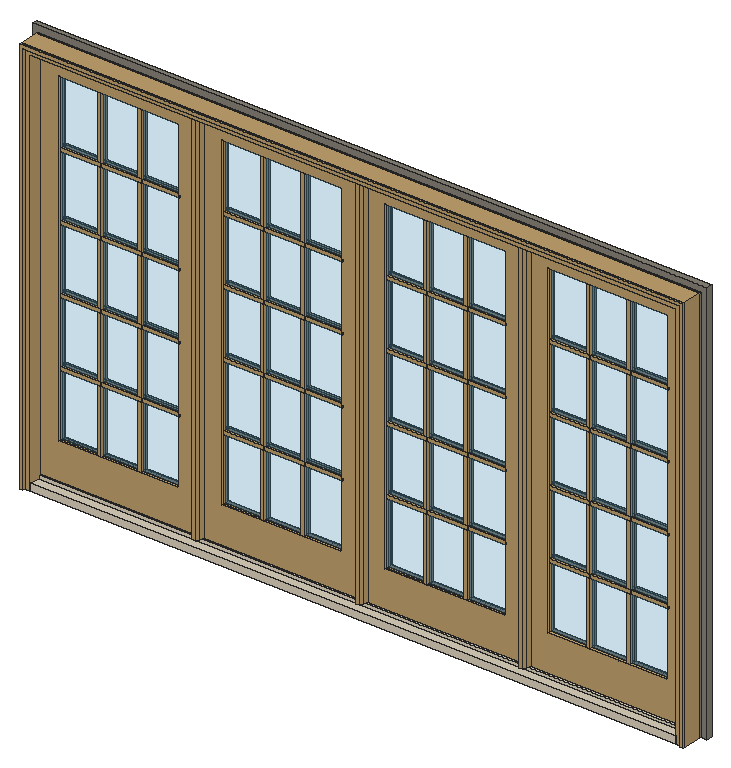
Revit family (continued)
Definition of nested family "Door_Section_Detail"
  Definition of nested family "BMC_Detail"
    Lines and regions (in)
      detail lines, style "Cut Lines", in view "Ref. Level"
        curve 1: line (-1.25, 0.71589, 0) -> (-1.25, 1.3125, 0)
        curve 2: line (-1.25, 1.3125, 0) -> (0, 1.3125, 0)
        curve 3: line (0, 0, 0) -> (-1.09375, 0, 0)
        curve 4: line (-1.09375, 0, 0) -> (-1.09375, 0.38081, 0)
        curve 5: line (-1.09375, 0.38081, 0) -> (-1.25, 0.71589, 0)
        curve 6: line (0, 0, 0) -> (0, 1.3125, 0)
  Definition of nested family "Flat_Casing_Detail"
    Parameters (values of type "Flat_Casing_Detail")
      Assembly Code = ""
    Reference planes (in)
      plane 1 "Center (Front/Back)": y = 0
      plane 2: z = 0
      plane 3 "Center (Left/Right)": x = 0
    Lines and regions (in)
      detail lines, style "Cut Lines", in view "Ref. Level"
        curve 1: line (-1.09375, 3, 0) -> (0, 3, 0)
        curve 2: line (0, 0, 0) -> (-1.09375, 0, 0)
        curve 3: line (-1.09375, 0, 0) -> (-1.09375, 3, 0)
        curve 4: line (0, 0, 0) -> (0, 3, 0)
Definition of nested family "Door_Plan_Detail"
  Parameters (values of type "Door_Plan_Detail")
    XXOO_OOXX = no
    Width = 11' - 11"
    Swing Reverse LH_RH = no
    Swing LH_RH = yes
    Swing Angle = 90.00°
    Panel Width = 2' - 11.06348"
    P3_RH Swing = if(OXXO, Swing Angle, 0.00°)  # 90.00°
    P3_RH Astragal = not(and(OXXO, Swing Reverse LH_RH))  # yes
    P2_RH Swing = Swing Angle  # 90.00°
    P2_RH Astragal = and(XXOO_OOXX, Swing LH_RH)  # no
    P2_RH = XXOO_OOXX  # no
    P2_LH Swing = if(OXXO, Swing Angle, 0.00°)  # 90.00°
    P2_LH Astragal = and(OXXO, Swing Reverse LH_RH)  # no
    P2_LH = not(XXOO_OOXX)  # yes
    P1_LH Swing = if(XXOO_OOXX, Swing Angle, 0.00°)  # 0.00°
    P1_LH Astragal = not(and(XXOO_OOXX, Swing LH_RH))  # yes
    OXXO = yes
    OOOO = no
    Flat Casing = no
    Flange Visibility = not(Casing Visibility)  # no
    Casing Visibility = yes
    BMC = yes
    Assembly Code = ""
  Reference planes (in)
    plane 1 "Center (Front/Back)": y = 0
    plane 2: z = 0
    plane 3: x = -28.06348
    plane 4: y = 0.09375
    plane 5: x = -29.25098
    plane 6: x = -99.56348
    plane 7 "Left": x = -171.06348
    plane 8: x = -169.87598
    plane 9: x = -134.8125
    plane 10: x = -64.31445
    plane 11: x = -134.6875
    plane 12: x = -64.43945
    plane 13: x = -99.62402
    plane 14: x = -99.50293
  Lines and regions (in)
    Masking region 1, in view "Ref. Level", detail levels coarse+medium
      outline origin (0, 0, 0) x (1, 0, 0) y (0, 1, 0)
        loop
          line (-28.06348, 1.09375) -> (-29.12598, 1.09375) -> (-29.12598, -4.5625) -> (-28.06348, -4.5625) -> (-28.06348, 1.09375)
    Masking region 2, in view "Ref. Level", detail levels coarse+medium
      outline origin (-108.375, 0, 0) x (0, 1, 0) y (-1, 0, 0)
        loop
          line (1.09375, 62.68848) -> (-4.5625, 62.68848) -> (-4.5625, 61.62598) -> (1.09375, 61.62598) -> (1.09375, 62.68848)
  Dimensions and locks (in)
    locked: plane 1 "Center (Front/Back)" to plane 4 at 0.09375
    locked: plane 5 to plane 3 at 1.1875
    locked: Masking region 1 sketch curve to plane 1 "Center (Front/Back)" at 4.5625
    locked: Masking region 1 sketch curve to plane 3 at 1.0625
    locked: plane 8 to plane 7 "Left" at 1.1875
    locked: plane 1 "Center (Front/Back)" to Masking region 1 sketch curve at 1.09375
    Masking region 2 sketch curve to plane 1 "Center (Front/Back)" to Masking region 2 sketch curve = 0' - 4 9/16" locked, 0' - 1 3/32" locked
    locked: plane 7 "Left" to Masking region 2 sketch curve at 1.0625
    equal spacing: plane 7 "Left", plane 6, plane 3
    "Width": plane 7 "Left" to plane 3
    "Panel Width": plane 8 to plane 9
    "Panel Width": plane 10 to plane 5
    locked: plane 9 to plane 11 at 0.125
    locked: plane 12 to plane 10 at 0.125
    "Panel Width": plane 11 to plane 13
    "Panel Width": plane 14 to plane 12
    aligned and locked: nested 1 to plane 1 "Center (Front/Back)"
    aligned and locked: plane 3 to nested 1
    aligned and locked: nested 2 to plane 3
    aligned and locked: nested 3 to plane 3
    aligned and locked: plane 1 "Center (Front/Back)" to nested 2
    aligned and locked: plane 1 "Center (Front/Back)" to nested 3
    aligned and locked: nested 4 to plane 7 "Left"
    aligned and locked: plane 1 "Center (Front/Back)" to nested 4
    aligned and locked: plane 7 "Left" to nested 6
    aligned and locked: plane 7 "Left" to nested 5
    aligned and locked: nested 6 to plane 1 "Center (Front/Back)"
    aligned and locked: nested 5 to plane 1 "Center (Front/Back)"
    aligned and locked: Masking region 2 sketch curve to plane 7 "Left"
    aligned and locked: plane 4 to nested 7
    aligned and locked: nested 8 to plane 4
    aligned and locked: nested 8 to plane 8
    aligned and locked: plane 5 to nested 7
    aligned and locked: nested 9 to plane 12
    aligned and locked: plane 4 to nested 9
    aligned and locked: nested 10 to plane 4
    aligned and locked: nested 10 to plane 14
    aligned and locked: nested 11 to plane 11
    aligned and locked: nested 11 to plane 4
  Automatic sketch dimensions
    Masking region 1 sketch curve to plane 3 = 0' - 0"
  Nested families (in)
    nested 1: "Jamb_Detail" at (-28.06348, 0, 0) x (-1, 0, 0) z (0, 0, 1), type "Jamb_Detail", in view "Ref. Level", detail levels fine
    nested 2: "BMC_Detail" at (-28.06348, 0, 0) x (0, -1, 0) z (0, 0, 1), visible <- "BMC", type "BMC_Detail", in view "Ref. Level", detail levels fine
    nested 3: "Flat_Casing_Detail" at (-28.06348, 0, 0) x (0, -1, 0) z (0, 0, 1), visible <- "Flat Casing", type "Flat_Casing_Detail", in view "Ref. Level", detail levels fine
    nested 4: "Jamb_Detail" at (-171.06348, 0, 0), type "Jamb_Detail", in view "Ref. Level", detail levels fine
    nested 5: "BMC_Detail" at (-171.06348, 0, 0) x (0, -1, 0) z (0, 0, 1), visible <- "BMC", type "BMC_Detail", in view "Ref. Level", detail levels fine
    nested 6: "Flat_Casing_Detail" at (-171.06348, 0, 0) x (0, -1, 0) z (0, 0, 1), visible <- "Flat Casing", type "Flat_Casing_Detail", in view "Ref. Level", detail levels fine
    nested 7: "Panel_Swing_Detail" at (-10.12598, 0, 0), Swing Angle <- "P1_LH Swing", Mtg Stile <- "P1_LH Astragal", type "Door_Plan_Detail", in view "Ref. Level"
      with Swing Visibility no, Swing Constraint 1.00°, Swing Angle 0.00°, Mtg Stile yes, Panel Width 2' - 11.06348"
    nested 8: "Panel_Swing_Detail" at (-189.00098, 0, 0) x (-1, 0, 0) z (0, 0, 1), type "Door_Plan_Detail", in view "Ref. Level"
      with Swing Visibility no, Swing Constraint 1.00°, Swing Angle 0.00°, Mtg Stile yes, Panel Width 2' - 11.06348"
    nested 9: "Panel_Swing_Detail" at (-45.31445, 0, 0), Swing Angle <- "P2_LH Swing", visible <- "P2_LH", Mtg Stile <- "P2_LH Astragal", type "Door_Plan_Detail", in view "Ref. Level"
      with Swing Visibility yes, Swing Constraint 90.00°, Swing Angle 90.00°, Mtg Stile no, Panel Width 2' - 11.06348"
    nested 10: "Panel_Swing_Detail" at (-118.62793, 0, 0) x (-1, 0, 0) z (0, 0, 1), Swing Angle <- "P2_RH Swing", visible <- "P2_RH", Mtg Stile <- "P2_RH Astragal", type "Door_Plan_Detail", in view "Ref. Level"
      with Swing Visibility yes, Swing Constraint 90.00°, Swing Angle 90.00°, Mtg Stile no, Panel Width 2' - 11.06348"
    nested 11: "Panel_Swing_Detail" at (-153.8125, 0, 0) x (-1, 0, 0) z (0, 0, 1), Swing Angle <- "P3_RH Swing", Mtg Stile <- "P3_RH Astragal", type "Door_Plan_Detail", in view "Ref. Level"
      with Swing Visibility yes, Swing Constraint 90.00°, Swing Angle 90.00°, Mtg Stile yes, Panel Width 2' - 11.06348"
  Definition of nested family "Jamb_Detail"
    Parameters (values of type "Jamb_Detail")
      Flange = no
      Assembly Code = ""
    Reference planes (in)
      plane 1 "Center (Front/Back)": y = 0
      plane 2: z = 0
      plane 3 "Center (Left/Right)": x = 0
    Lines and regions (in)
      Masking region 1, in view "Ref. Level"
        outline origin (0, 0, 0) x (1, 0, 0) y (0, 1, 0)
          loop
            line (0, 1.09375) -> (0, -4.5625) -> (1.75053, -4.5625) -> (1.75053, -1.76821) -> (1.06374, -1.76821) -> (1.06374, -0.18631) -> (0.93767, -0.18631) -> (0.93767, 0.3871) -> (0.67848, 0.3871) -> (0.67848, 1.09375) -> (0, 1.09375)
      detail lines, style "Cut Lines", in view "Ref. Level", visible <- "Flange"
        curve 1: line (0, 0.045, 0) -> (-1.49897, 0.045, 0)
        curve 2: line (-0.155, 0, 0) -> (-1.49897, 0, 0)
        curve 3: line (-0.155, 0, 0) -> (-0.155, -0.11, 0)
        curve 4: line (0, -0.11, 0) -> (-0.155, -0.11, 0)
        curve 5: line (-1.49897, 0, 0) -> (-1.49897, 0.045, 0)
  Definition of nested family "BMC_Detail"
    Parameters (values of type "BMC_Detail")
      Assembly Code = ""
    Reference planes (in)
      plane 1 "Center (Front/Back)": y = 0
      plane 2: z = 0
      plane 3 "Center (Left/Right)": x = 0
    Lines and regions (in)
      detail lines, style "Cut Lines", in view "Ref. Level"
        curve 1: line (-1.25, 0.71589, 0) -> (-1.25, 1.3125, 0)
        curve 2: line (-1.25, 1.3125, 0) -> (0, 1.3125, 0)
        curve 3: line (0, 0, 0) -> (-1.09375, 0, 0)
        curve 4: line (-1.09375, 0, 0) -> (-1.09375, 0.38081, 0)
        curve 5: line (-1.09375, 0.38081, 0) -> (-1.25, 0.71589, 0)
        curve 6: line (0, 0, 0) -> (0, 1.3125, 0)
  Definition of nested family "Flat_Casing_Detail"
    Parameters (values of type "Flat_Casing_Detail")
      Assembly Code = ""
    Reference planes (in)
      plane 1 "Center (Front/Back)": y = 0
      plane 2: z = 0
      plane 3 "Center (Left/Right)": x = 0
    Lines and regions (in)
      detail lines, style "Cut Lines", in view "Ref. Level"
        curve 1: line (-1.09375, 3, 0) -> (0, 3, 0)
        curve 2: line (0, 0, 0) -> (-1.09375, 0, 0)
        curve 3: line (-1.09375, 0, 0) -> (-1.09375, 3, 0)
        curve 4: line (0, 0, 0) -> (0, 3, 0)
  Definition of nested family "Panel_Swing_Detail"
    Parameters (values of type "Door_Plan_Detail")
      Swing Visibility [instance] = not(Swing Angle = 0.00°)  # yes
      Swing Constraint [instance] = if(Swing Angle = 0.00°, 1.00°, Swing Angle)  # 90.00°
      Swing Angle [instance] = 90.00°
      Panel Width = 2' - 11 1/16"
      Mtg Stile [instance] = yes
      Assembly Code = ""
    Reference planes (in)
      plane 1: z = 0
      plane 2: y = 0.09375
      plane 3: x = -19.125
      plane 4: x = -54.1875
    Lines and regions (in)
      reference lines, in view "Ref. Level"
        curve 1: line (-19.125, 0.09375, 0) -> (-19.125, 35.15625, 0)
      detail lines, in view "Ref. Level", visible <- "Swing Visibility"
        curve 2: arc (-19.125, 35.15625, 0) -> (-43.91793, 24.88668, 0) -> (-54.1875, 0.09375, 0) r 35.0625
      detail lines, style "InvisibleLines", in view "Ref. Level", not visible, detail levels coarse
        curve 3: line (-19.125, 0.09375, 0) -> (-19.125, 35.15625, 0)
    Dimensions and locks (in)
      "Panel Width": curve 1 to curve 1
      "Panel Width": plane 4 to plane 3
      "Panel Width": curve 1 to curve 3
      "Swing Angle": angle nested 1 to plane 2
      "Swing Constraint": angle curve 1 to plane 2
      aligned and locked: plane 2 to curve 1
      aligned and locked: plane 3 to curve 1
      aligned and locked: plane 3 to curve 2
      aligned and locked: plane 2 to curve 2
      aligned and locked: curve 3 to curve 1
    Automatic sketch dimensions
      curve 3 to plane 2 = 0' - 0"
    Nested families (in)
      nested 1: "Panel_Detail" at (-19.125, 0.09375, 0) x (0, -1, 0) z (0, 0, 1), Mtg Stile <- "Mtg Stile", type "Panel_Detail", in view "Ref. Level"
    Definition of nested family "Panel_Detail"
      Parameters (values of type "Panel_Detail")
        Panel Width = 2' - 11 1/16"
        Mtg Stile [instance] = yes
        Assembly Code = ""
      Reference planes (in)
        plane 1 "Center (Front/Back)": y = 0
        plane 2: z = 0
        plane 3 "Right": x = 0
        plane 4 "Left": x = -35.0625
      Lines and regions (in)
        Masking region 1, in view "Ref. Level", detail levels coarse+medium
          outline origin (0, 0, 0) x (1, 0, 0) y (0, 1, 0)
            loop
              line (-35.0625, 0) -> (-35.0625, -1.75) -> (0, -1.75) -> (0, 0) -> (-35.0625, 0)
        detail lines, style "Cut Lines", in view "Ref. Level", detail levels fine
          curve 1: line (-30.97475, -0.48141, 0) -> (-4.08775, -0.48141, 0)
          curve 2: line (-30.97475, -0.60641, 0) -> (-4.08775, -0.60641, 0)
          curve 3: line (-30.97475, -1.10641, 0) -> (-4.08775, -1.10641, 0)
          curve 4: line (-30.97475, -1.23141, 0) -> (-4.08775, -1.23141, 0)
      Dimensions and locks (in)
        "Panel Width": plane 4 "Left" to plane 3 "Right"
        locked: Masking region 1 sketch curve to plane 1 "Center (Front/Back)" at 1.75
        locked: nested 3 to plane 1 "Center (Front/Back)" at 1.75
        aligned and locked: nested 2 to plane 1 "Center (Front/Back)"
        aligned and locked: plane 1 "Center (Front/Back)" to nested 1
        aligned and locked: nested 2 to plane 4 "Left"
        aligned and locked: plane 3 "Right" to nested 1
        aligned and locked: curve 3 to nested 2
        aligned and locked: curve 1 to nested 1
        aligned and locked: curve 2 to curve 1  (x2)
        aligned and locked: curve 2 to nested 2
        aligned and locked: curve 3 to curve 1  (x2)
        aligned and locked: curve 4 to curve 1  (x2)
        aligned and locked: plane 1 "Center (Front/Back)" to Masking region 1 sketch curve
        aligned and locked: Masking region 1 sketch curve to plane 4 "Left"
        aligned and locked: Masking region 1 sketch curve to plane 3 "Right"
        aligned and locked: plane 4 "Left" to nested 3
      Automatic sketch dimensions
        curve 2 to curve 1 = 0' - 0"
        curve 3 to curve 2 = 0' - 0 1/2"
        curve 4 to curve 3 = 0' - 0 1/8"
        curve 2 to curve 1 = 0' - 0 1/8"
      Nested families (in)
        nested 1: "Stile_Detail" at (0, 0, 0), type "Stile_Detail", in view "Ref. Level", detail levels fine
        nested 2: "Stile_Detail" at (-35.0625, 0, 0) x (-1, 0, 0) z (0, 0, 1), type "Stile_Detail", in view "Ref. Level", detail levels fine
        nested 3: "Mtg_Stile_Detail" at (-35.0625, -1.75, 0), visible <- "Mtg Stile", type "Stile_Detail", in view "Ref. Level", detail levels fine
      Definition of nested family "Stile_Detail"
        Parameters (values of type "Stile_Detail")
          Assembly Code = ""
        Reference planes (in)
          plane 1 "Center (Front/Back)": y = 0
          plane 2: z = 0
          plane 3 "Center (Left/Right)": x = 0
        Lines and regions (in)
          Masking region 1, in view "Ref. Level"
            outline origin (0, 0, 0) x (1, 0, 0) y (0, 1, 0)
              loop
                line (0, -1.75) -> (0, 0) -> (-4.54196, 0) -> (-4.54196, -0.17227) -> (-4.75, -0.38031) -> (-4.75, -0.4375) -> (-4.02516, -0.4375) -> (-4.02516, -1.26261) -> (-4.75, -1.26261) -> (-4.75, -1.40858) -> (-4.55291, -1.75) -> (0, -1.75)
          detail lines, style "Cut Lines", in view "Ref. Level"
            curve 1: line (-4.08775, -0.48141, 0) -> (-4.08775, -0.60641, 0)
            curve 2: line (-4.21275, -1.10641, 0) -> (-4.21275, -0.60641, 0)
            curve 3: line (-4.46275, -1.10641, 0) -> (-4.46275, -0.60641, 0)
            curve 4: line (-4.08775, -1.10641, 0) -> (-4.08775, -1.23141, 0)
      Definition of nested family "Mtg_Stile_Detail"
        Parameters (values of type "Stile_Detail")
          Assembly Code = ""
        Reference planes (in)
          plane 1 "Center (Front/Back)": y = 0
          plane 2: z = 0
          plane 3 "Center (Left/Right)": x = 0
        Lines and regions (in)
          Masking region 1, in view "Ref. Level"
            outline origin (0, 0, 0) x (0, 1, 0) y (-1, 0, 0)
              loop
                line (0, 0.71385) -> (0, -1.07915) -> (0.9773, -0.97643) -> (1.15549, -0.73983) -> (1.594, -0.62233) -> (1.594, 0.25704) -> (1.13979, 0.37874) -> (0.9637, 0.61256) -> (0, 0.71385)
Definition of nested family "Label Annotation 1-16 w5"
  Parameters
    Label = ""
    Egress Info = "EGRESS WDW"
    Description = "3664 FIXED"
  Reference planes (in)
    plane 1: y = 0
    plane 2: x = 0
  Text (in)
    label "Description" at (0.00375, -0.00345, 0), shows "Description"
